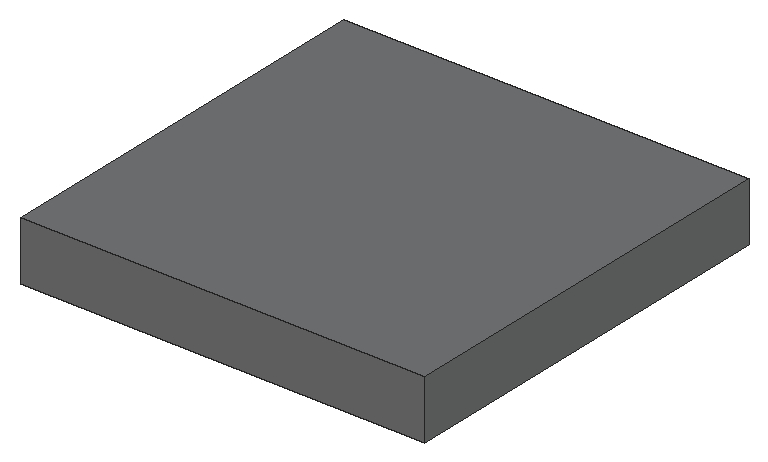
Revit family "Gira_536703", category Electrical Fixtures, host Face, Revit 2017
Family settings
  Host = Face
  Maintain Annotation Orientation = No
  Round Connector Dimension = Use Diameter
  Part Type = Normal
  Cut with Voids When Loaded = No
  Shared = No
  Room Calculation Point = No
Parameters (values of type "S3000 blind timer + timer BT System 55 p.white")
  With LED indication = "No"
  URL = "http://katalog.gira.de/en/datenblatt.html?artikelnr=536703"
  Transparent = "No"
  Suitable for application with venetian shutter switch = "Yes"
  Suitable for application with switch = "Yes"
  Suitable for application with dimmer = "No"
  Number of actuation points = "4"
  Name = "S3000 blind timer + timer BT System 55 p.white"
  Manufacturer URL = "https://www.gira.de/"
  Manufacturer = "Gira"
  Keynote = ""
  HeinzeBIM = "https://bimportal.heinze.de/bim/s3000-blind-timer-timer-bt-system-55-p-white/5eb9328ca1543521c69230f6d01b82f307e7a2aa"
  HAN = "536703"
  GTIN = "4010337027522"
  Description = "S3000 blind tim. tim.BT Sys55 PW,System 3000 blind timer and timer BT,,pure white glossy,Features:,- Manual and time-controlled operation of e.g. blinds, shutters, awnings, lighting or fans.,- Operation and programming with mobile end device (smartphone or tablet) via Bluetooth using the Gira Bluetooth app.,- Operation on System 3000 switching, dimming or blind insert or auxiliary insert 3-wire.,Functions on the top unit:,- Operation of hangings and lighting.,- The blocking function blocks operation of the auxiliary unit and deactivates automatic mode.,- Activate deactivate automatic mode.,- The runtime and an individual intermediate position can be saved using the System 3000 blind controller insert.,- Switch-on brightness of lighting can be saved using System 3000 dimming insert or DALI Power control unit.,- Adjustbable night mode. Status LED and function LED are not lit up continuously.,Functions with the Gira Bluetooth app:,- Operation of hangings and lighting with status feedback.,- Display the current hanging position or dimmer setting.,- Programming of up to 40 individual switching times.,- Blind or slat positions or switching and dimming values can be stored for each switching time.,- Switching times can be copied to other devices.,- Switching at sunrise or sunset (astro function).,- Astro time can be optimised by determining the location.,- Astro time shift adjustable.,- Random function.,- Automatic date and time refresh when connecting smartphones or tablets.,- Password protection possible for time programs and configuration (as of app version 2).,- Save a hanging position, hanging runtime, slat reversal time.,- Changeover to inverse operation possible for blind inserts.,- Maximum brightness and minimum brightness adjustable for dimming insert.,- Optional: Sun protection and twilight function are possible with System 3000 brightness and temperature sensor Bluetooth.,,Notes :,- The time is updated upon connection to the Gira Bluetooth app."
  Default Elevation = 1219.2 mm
  Data sheet (1) = "https://katalog.gira.de/en/download.html?artikelnr=536703"
  Category = "Intelligent control element"
  BIM (1) = "https://media.stage.bim.site/public/gira/36a6b08/Sys55_Abdeckung_Schalten und Tasten.rfa?public/gira/36a6b08/Sys55_Abdeckung_Schalten und Tasten.rfa"
  Available = "No"
  Application = "Control of electrical users"
  Anthrazit [instance] = Anthrazit
Reference planes
  plane 1 "Center (Front/Back)": y = 0
  plane 2: z = 0
  plane 3 "Center (Left/Right)": x = 0
Forms (mm)
  Extrusion 1, solid, material "Anthrazit" <- "Anthrazit", detail levels fine
    sketch origin (0, 0, 0) x (1, 0, 0) y (0, 1, 0)
      loop
        line (-27.5, 27.5) -> (-27.5, -27.5) -> (27.5, -27.5) -> (27.5, 27.5) -> (-27.5, 27.5)
    from 0 to 8
  Extrusion 2, void
    sketch origin (0, 0, 0) x (1, 0, 0) y (0, 1, 0)
      loop
        line (26, 26) -> (-26, 26) -> (-26, -26) -> (26, -26) -> (26, 26)
    from 0 to 6
  Extrusion 3, solid, material "Anthrazit" <- "Anthrazit", detail levels medium
    sketch origin (0, 0, 0) x (1, 0, 0) y (0, 1, 0)
      loop
        line (-27.5, 27.5) -> (-27.5, -27.5) -> (27.5, -27.5) -> (27.5, 27.5) -> (-27.5, 27.5)
    from 0 to 8
  Extrusion 4, solid, material "Anthrazit" <- "Anthrazit", detail levels medium
    sketch origin (0, 0, 0) x (1, 0, 0) y (0, 1, 0)
      loop
        line (11, -17.5) -> (11, 17.5) -> (-11, 17.5) -> (-11, -17.5) -> (11, -17.5)
    from -6 to 6
  Extrusion 5, solid, material "Anthrazit" <- "Anthrazit", detail levels fine
    sketch origin (0, 0, 0) x (1, 0, 0) y (0, 1, 0)
      loop
        line (11, 17.5) -> (-11, 17.5) -> (-11, 16.5) -> (11, 16.5) -> (11, 17.5)
      loop
        line (-11, -16.5) -> (-11, -17.5) -> (11, -17.5) -> (11, -16.5) -> (-11, -16.5)
    from -4 to 6
  Extrusion 6, solid, material "Anthrazit" <- "Anthrazit", detail levels fine
    sketch origin (0, 0, 0) x (1, 0, 0) y (0, 1, 0)
      loop
        arc (5, 9.347) -> (0, 10.6) -> (-5, 9.347) r 10.6
        line (-5, 9.347) -> (-5, -9.347)
        arc (-5, -9.347) -> (0, -10.6) -> (5, -9.347) r 10.6
        line (5, -9.347) -> (5, 9.347)
    from -6 to 6
  Extrusion 7, solid, material "Anthrazit" <- "Anthrazit", detail levels coarse
    sketch origin (0, 0, 0) x (1, 0, 0) y (0, 1, 0)
      loop
        line (-27.5, 27.5) -> (-27.5, -27.5) -> (27.5, -27.5) -> (27.5, 27.5) -> (-27.5, 27.5)
    from -6 to 8
Cuts and joins
  Extrusion 2 cuts Extrusion 1
Dimensions and locks
  aligned and locked: plane 2 to host face
  aligned and locked: level to host face
